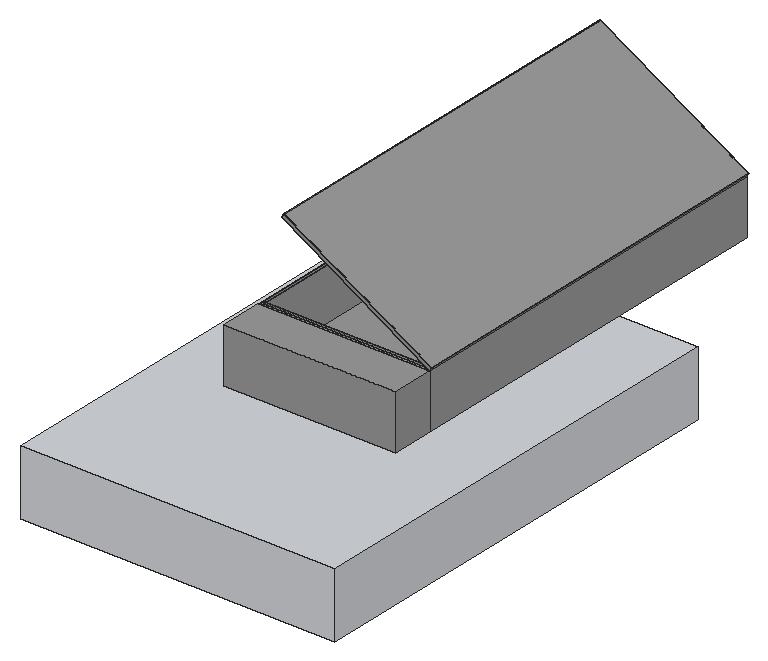
Revit family "Hager-Univers-IP55-D275-H2050-Cl.II-Steel_encl-DE-de", category Equipement électrique, Revit 2020
Family settings
  Hôte = Face
  Configuration du panneau = Deux colonnes, circuits au sein
  Cote de connecteur circulaire = Utiliser le diamètre
  Type d'élément = Tableau de raccordement
  Couper avec des vides une fois chargée = Non
  Partagée = Non
  Point de calcul de pièce = Non
Parameters (values of type "Bodenaufstellung IP55 B800 H2050 T275  - FR23S2")
  Width Control [instance] = if([EF000008 - Breite] > Min Width, [EF000008 - Breite], Min Width)  # 800 mm
  Commentaires du type = [HG000003 - Bereich]  # "Univers"
  Thickness Door [instance] = if([EF009171 - Materialstärke Tür/Deckel] > 3 mm, 3 mm, [EF009171 - Materialstärke Tür/Deckel])  # 1.5 mm
  Seal Frame Offset [instance] = 17 mm  # constant formula
  Plinth Visibility [instance] = [HG000027 - Sockelhöhe] > 0 mm  # yes
  Model = ""
  Min Width [instance] = 100 mm  # constant formula
  Min Height [instance] = 100 mm  # constant formula
  Min Depth [instance] = (2 * [EF009170 - Materialstärke Gehäuse]) + 1 mm  # 4 mm
  Internal Frame Depth [instance] = (Door System Depth * 0.5)  # 9 mm
  Height Control [instance] = if([EF000040 - Höhe] > Min Height, [EF000040 - Höhe], Min Height)  # 2050 mm
  HG000027 - Sockelhöhe = 200 mm
  HG000026 - Stehend auf dem Boden = yes
  HG000024 - Höhe des unteren Teils = 800 mm
  HG000023 - Gehäuse mit doppeltem Querschnitt = no
  HG000016 - 3D-Türsichtbarkeit [instance] = yes
  HG000015 - Sichtbarkeit der Türöffnung [instance] = no
  HG000014 - Tür rechts [instance] = yes
  HG000013 - Tür links [instance] = not([HG000014 - Tür rechts])  # no
  HG000012 - Türschwenkwinkel [instance] = 30.00°
  HG000010 - Asymmetrische Türen = no
  HG000009 - Doppelflügeligen Tür = no
  HG000006 - Unterputz = no
  HG000004 - Herstellerreferenz = "FR23S2"
  HG000003 - Bereich = "Univers"
  HG000002 - Mit tür = yes
  Frame Offset Bottom [instance] = 10 mm  # constant formula
  Frame Offset [instance] = 15 mm  # constant formula
  EF015940 - Deckel mit Überdruckentlastung = no
  EF011959 - Schutzart (NEMA) = ""
  EF009554 - Anzahl der Öffnungen für Flanschplatten = 6
  Fabricant = "Hager"  # constant formula
  EF009212 - Ausführung Deckel = "EV000116 - geschlossen"
  EF009171 - Materialstärke Tür/Deckel = 1.5 mm
  EF009170 - Materialstärke Gehäuse = 1.5 mm
  EF008873 - Nennstrom (In) = 800 A
  EF007800 - Geeignet für Blitzschutz = no
  EF006306 - Mit Schloss = no
  EF006244 - Transparenter Deckel/Tür = no
  EF005474 - Schutzart (IP) = "EV006420 - IP55"
  EF004464 - Art der Tür = "EV002646 - Einzel"
  EF004427 - Anzahl der Module = 432
  EF004293 - Schlagfestigkeit = "EV008784 - IK10"
  EF003532 - Geeignet für Außengebrauch = no
  EF002950 - Breite in Teilungseinheiten = 24
  EF001613 - Funktionserhalt = "EV000494 - ohne"
  EF001596 - Werkstoff des Gehäuses = "EV000179 - Stahl"
  EF001131 - Innentiefe = 275 mm
  EF001088 - Anbaumöglichkeit = yes
  EF000437 - Anzahl der Leitungseinführungen = 6
  EF000339 - Art der Abdeckung = "EV004216 - Tür"
  EF000266 - Anzahl der Reihen = 12
  EF000218 - Einbautiefe = 0 mm
  EF000118 - Mit Montageplatte = no
  EF000116 - RAL-Nummer = "7035"
  EF000049 - Tiefe = 275 mm
  EF000040 - Höhe = 2050 mm
  EF000008 - Breite = 800 mm
  EF000007 - Farbe = "EV000270 - grau"
  EF000003 - Montageart = "EV012274 - Bodenaufstellung"
  Door System Leaf Tolerance [instance] = 1.5 mm  # constant formula
  Door System Depth [instance] = 18 mm  # constant formula
  Door Height [instance] = Height Control - [HG000027 - Sockelhöhe]  # 1850 mm
  Depth Control [instance] = if([EF000049 - Tiefe] > Min Depth, [EF000049 - Tiefe], Min Depth)  # 275 mm
  Default Elevation = 0 mm
  Connector Offset [instance] = Height Control / 2  # 1025 mm
  Bottom Top Plate Trim [instance] = 1.5 mm  # constant formula
  Plinth height Ctrl [instance] = if([HG000027 - Sockelhöhe] > 0 mm, [HG000027 - Sockelhöhe], 12 mm)  # 200 mm
Types (11, lengths in mm): name | Width Control | HG000010 - Asymmetrische Türen | HG000009 - Doppelflügeligen Tür | HG000004 - Herstellerreferenz | EF009554 - Anzahl der Öffnungen für Flanschplatten | EF006244 - Transparenter Deckel/Tür | EF004464 - Art der Tür | EF004427 - Anzahl der Module | EF000437 - Anzahl der Leitungseinführungen | EF000008 - Breite
  Bodenaufstellung IP55 B1050 H2050 T275  - FR24L2 | 1050 | yes | yes | "FR24L2" | 8 | yes | "EV003602 - Doppel" | 576 | 8 | 1050
  Bodenaufstellung IP55 B1050 H2050 T275  - FR24S2 | 1050 | yes | yes | "FR24S2" | 8 | no | "EV003602 - Doppel" | 576 | 8 | 1050
  Bodenaufstellung IP55 B1300 H2050 T275  - FR25L2 | 1300 | yes | yes | "FR25L2" | 10 | yes | "EV003602 - Doppel" | 720 | 10 | 1300
  Bodenaufstellung IP55 B1300 H2050 T275  - FR25S2 | 1300 | yes | yes | "FR25S2" | 10 | no | "EV003602 - Doppel" | 720 | 10 | 1300
  Bodenaufstellung IP55 B1550 H2050 T275  - FR26L2 | 1550 | yes | yes | "FR26L2" | 12 | yes | "EV003602 - Doppel" | 864 | 12 | 1550
  Bodenaufstellung IP55 B1550 H2050 T275  - FR26S2 | 1550 | yes | yes | "FR26S2" | 12 | no | "EV003602 - Doppel" | 864 | 12 | 1550
  Bodenaufstellung IP55 B300 H2050 T275  - FR21S2 | 300 | no | no | "FR21S2" | 2 | no | "EV002646 - Einzel" | 144 | 2 | 300
  Bodenaufstellung IP55 B550 H2050 T275  - FR22L2 | 550 | no | no | "FR22L2" | 4 | yes | "EV002646 - Einzel" | 288 | 4 | 550
  Bodenaufstellung IP55 B550 H2050 T275  - FR22S2 | 550 | no | no | "FR22S2" | 4 | no | "EV002646 - Einzel" | 288 | 4 | 550
  Bodenaufstellung IP55 B800 H2050 T275  - FR23L2 | 800 | no | no | "FR23L2" | 6 | yes | "EV002646 - Einzel" | 432 | 6 | 800
  Bodenaufstellung IP55 B800 H2050 T275  - FR23S2 | 800 | no | no | "FR23S2" | 6 | no | "EV002646 - Einzel" | 432 | 6 | 800
Reference planes
  plane 1 "Center (Front/Back)": y = 0
  plane 2: z = 0
  plane 3 "Center (Left/Right)": x = 0
  plane 4: z = 275
  plane 5: y = 201.5
  plane 6: y = 1125
  plane 7: y = 200
  plane 8: y = 2050
  plane 9: z = 0
  plane 10: x = -385
  plane 11: x = 385
  plane 12: x = 383.5
  plane 13: x = -383.5
  plane 14: y = 2048.5
  plane 15: x = -383
  plane 16: x = -400
  plane 17: x = 383
  plane 18: x = 400
  plane 19: x = 398.5
  plane 20: x = -398.5
  plane 21: y = 211.5
  plane 22: y = 2050
  plane 23: y = 2033.5
  plane 24: z = 257
  plane 25: z = 1.5
  plane 26: z = 255.5
  plane 27: z = 273.5
Forms (mm)
  Extrusion 1, solid
    sketch origin (0, 0, 0) x (1, 0, 0) y (0, 1, 0)
      loop
        line (-702.964, 1305) -> (-702.964, -811.445) -> (766.763, -811.445) -> (766.763, 1305) -> (-702.964, 1305)
    from 0 to -304.8
  Extrusion 2, solid, material "Hager_Steel_RAL7035_Light_Grey", visible <- "Plinth Visibility", detail levels medium+fine
    sketch origin (0, 0, 0) x (1, 0, 0) y (0, 1, 0)
      loop
        line (-400, 0) -> (400, 0) -> (400, 200) -> (-400, 200) -> (-400, 0)
    from 0 to 257
  Extrusion 3, solid, material "Hager_Steel_RAL7035_Light_Grey", detail levels medium+fine
    sketch origin (0, 0, 0) x (1, 0, 0) y (0, 1, 0)
      loop
        line (-400, 200) -> (400, 200) -> (400, 2050) -> (-400, 2050) -> (-400, 200)
    from 0 to 257
  Extrusion 4, void
    sketch origin (0, 0, 0) x (1, 0, 0) y (0, 1, 0)
      loop
        line (-398.5, 201.5) -> (398.5, 201.5) -> (398.5, 2048.5) -> (-398.5, 2048.5) -> (-398.5, 201.5)
    from 1.5 to 255.5
  Extrusion 5, void
    sketch origin (-381.607, -4572, 257) x (0, -1, 0) y (-1, 0, 0)
      loop
        line (-4783.5, 1.893) -> (-6605.5, 1.893) -> (-6605.5, -765.107) -> (-4783.5, -765.107) -> (-4783.5, 1.893)
    from 0 to 1.5 <- "EF009170 - Materialstärke Gehäuse"
  Extrusion 6, solid, material "Hager_Steel_RAL7035_Light_Grey", detail levels fine
    sketch origin (0, 0, 257) x (1, 0, 0) y (0, 1, 0)
      loop
        line (-383.5, 2033.5) -> (-383.5, 211.5) -> (383.5, 211.5) -> (383.5, 2033.5) -> (-383.5, 2033.5)
      loop
        line (-385, 210) -> (385, 210) -> (385, 2035) -> (-385, 2035) -> (-385, 210)
    from 0 to 9 <- "Internal Frame Depth"
  Extrusion 7, solid, material "Hager_Steel_RAL7035_Light_Grey", detail levels coarse
    sketch origin (0, 0, 0) x (1, 0, 0) y (0, 1, 0)
      loop
        line (-400, 0) -> (400, 0) -> (400, 2050) -> (-400, 2050) -> (-400, 0)
    from 0 to 275
  Sweep 8, void
    path in 3D
      loop
        line (-400, 200, 0) -> (400, 200, 0) -> (400, 200, 257) -> (-400, 200, 257) -> (-400, 200, 0)
    profile origin (-400, 200, 128.5) x (-1, 0, 0) y (0, -1, 0)
      loop
        line (0, 0) -> (0, 1.5) -> (-1.5, 1.5)
        arc (-1.5, 1.5) -> (-1.061, 0.439) -> (0, 0) r 1.5
Cuts and joins
  Extrusion 4, Extrusion 5 cuts Extrusion 3
  Sweep 8 cuts Extrusion 2
Lines and regions (mm)
  Masking region 1
    outline origin (0, 0, 0) x (1, 0, 0) y (0, 0, 1)
      loop
        line (-400, 275) -> (-400, 0) -> (400, 0) -> (400, 275) -> (-400, 275)
  Masking region 2, detail levels medium+fine
    outline origin (0, 140, 0) x (0, 1, 0) y (0, 0, 1)
      loop
        line (60, 0) -> (1910, 0) -> (1910, 257) -> (60, 257) -> (60, 0)
  Masking region 3, not visible, detail levels medium+fine
    outline origin (0, 297.922, 0) x (0, 1, 0) y (0, 0, 1)
      loop
        line (838.578, 0) -> (878.578, 0) -> (878.578, 263.5)
        arc (878.578, 263.5) -> (875.649, 270.571) -> (868.578, 273.5) r 10
        line (868.578, 273.5) -> (838.578, 273.5) -> (838.578, 0)
  Masking region 4, detail levels coarse
    outline origin (0, 0, 180) x (0, 1, 0) y (0, 0, 1)
      loop
        line (0, -180) -> (2050, -180) -> (2050, 95) -> (0, 95) -> (0, -180)
  Masking region 5, visible <- "Plinth Visibility", detail levels medium+fine
    outline origin (0, 52.24, 12.345) x (0, 0, -1) y (0, 1, 0)
      loop
        line (10.845, 147.76) -> (-243.155, 147.76)
        arc (-243.155, 147.76) -> (-243.594, 146.699) -> (-244.655, 146.26) r 1.5
        line (-244.655, 146.26) -> (-244.655, -52.24) -> (12.345, -52.24) -> (12.345, 146.26)
        arc (12.345, 146.26) -> (11.285, 146.699) -> (10.845, 147.76) r 1.5
  Masking region 6, detail levels medium+fine
    outline origin (-381.607, -4572, 257) x (-1, 0, 0) y (0, -1, 0)
      loop
        line (18.393, -6622) -> (18.393, -4772) -> (-781.607, -4772) -> (-781.607, -6622) -> (18.393, -6622)
  Masking region 7, visible <- "Plinth Visibility", detail levels medium+fine
    outline origin (-381.607, -4727, 257) x (-1, 0, 0) y (0, -1, 0)
      loop
        arc (16.893, -4927) -> (17.332, -4925.939) -> (18.393, -4925.5) r 1.5
        line (18.393, -4925.5) -> (18.393, -4727) -> (-781.607, -4727) -> (-781.607, -4925.5)
        arc (-781.607, -4925.5) -> (-780.546, -4925.939) -> (-780.107, -4927) r 1.5
        line (-780.107, -4927) -> (16.893, -4927)
  Masking region 8, detail levels coarse
    outline origin (-442.548, -4669.526, 257) x (-1, 0, 0) y (0, -1, 0)
      loop
        line (-42.548, -6719.526) -> (-42.548, -4669.526) -> (-842.548, -4669.526) -> (-842.548, -6719.526) -> (-42.548, -6719.526)
  sketch lines
    curve 1: line (-400, 200, 257) -> (-400, 200, 0)
    curve 2: line (400, 200, 257) -> (-400, 200, 257)
    curve 3: line (400, 200, 257) -> (400, 200, 0)
    curve 4: line (-400, 200, 0) -> (400, 200, 0)
Dimensions and locks
  "Depth Control": plane 4 to Extrusion 1
  "HG000027 - Sockelhöhe": plane 1 "Center (Front/Back)" to plane 7
  "EF009170 - Materialstärke Gehäuse": plane 5 to plane 7
  locked: connector elem to plane 3 "Center (Left/Right)"
  equal spacing: plane 8, plane 6, plane 7
  locked: connector elem to plane 6
  "EF009170 - Materialstärke Gehäuse": plane 8 to plane 14
  "EF009170 - Materialstärke Gehäuse": plane 10 to plane 13
  "EF009170 - Materialstärke Gehäuse": plane 12 to plane 11
  "Frame Offset": plane 20 to plane 13
  "Frame Offset": plane 12 to plane 19
  "EF009170 - Materialstärke Gehäuse": plane 16 to plane 20
  "EF009170 - Materialstärke Gehäuse": plane 19 to plane 18
  "Seal Frame Offset": plane 16 to plane 15
  "Seal Frame Offset": plane 17 to plane 18
  "Frame Offset Bottom": plane 21 to plane 5
  "Frame Offset": plane 14 to plane 23
  equal spacing: plane 16, plane 3 "Center (Left/Right)", plane 18
  "Width Control": plane 16 to plane 18
  "EF009170 - Materialstärke Gehäuse": plane 4 to plane 27
  "EF009170 - Materialstärke Gehäuse": plane 24 to plane 26
  "EF009170 - Materialstärke Gehäuse": plane 25 to level
  "Door System Depth": plane 4 to plane 24
  "Height Control": plane 1 "Center (Front/Back)" to Extrusion 7 sketch curve
  "Height Control": Masking region 4 sketch curve to plane 1 "Center (Front/Back)"
  "Height Control": plane 1 "Center (Front/Back)" to plane 22
  "Bottom Top Plate Trim": profile plane to Sweep 8 sketch curve
  "Bottom Top Plate Trim": Sweep 8 sketch curve to profile plane
  "Plinth height Ctrl": plane 1 "Center (Front/Back)" to Extrusion 2 sketch curve
  "Plinth height Ctrl": Masking region 5 sketch curve to plane 1 "Center (Front/Back)"
  "Plinth height Ctrl": plane 1 "Center (Front/Back)" to Masking region 7 sketch curve
  "Thickness Door": Extrusion 6 sketch curve to Extrusion 6 sketch curve  (x3)
  "Thickness Door": cut or joined group of Extrusion 3, Extrusion 4, Extrusion 5 to Extrusion 6 sketch curve
  radius of Masking region 3 sketch curve = 10 mm
  "Bottom Top Plate Trim": radius of Masking region 5 sketch curve  (x2)
  "Bottom Top Plate Trim": radius of Sweep 8 sketch curve
  "Bottom Top Plate Trim": radius of Masking region 7 sketch curve  (x2)
  aligned and locked: plane 2 to Extrusion 1
  aligned and locked: level to Extrusion 1
  aligned and locked: level to Masking region 1 sketch curve
  aligned and locked: Masking region 1 sketch curve to plane 18
  aligned and locked: Masking region 1 sketch curve to plane 16
  aligned and locked: plane 7 to Masking region 2 sketch curve
  aligned and locked: level to Masking region 3 sketch curve
  aligned and locked: Masking region 3 sketch curve to plane 27
  aligned and locked: level to Masking region 2 sketch curve
  aligned and locked: plane 1 "Center (Front/Back)" to Extrusion 2 sketch curve
  aligned and locked: Extrusion 3 sketch curve to plane 7
  aligned and locked: plane 16 to Extrusion 3 sketch curve
  aligned and locked: plane 18 to Extrusion 3 sketch curve
  aligned and locked: plane 20 to Extrusion 4 sketch curve
  aligned and locked: plane 19 to Extrusion 4 sketch curve
  aligned and locked: Extrusion 4 sketch curve to plane 5
  aligned and locked: Extrusion 4 to plane 25
  aligned and locked: plane 26 to Extrusion 4
  aligned and locked: plane 24 to Extrusion 3
  aligned and locked: Extrusion 5 sketch curve to plane 21
  aligned and locked: Extrusion 5 sketch curve to plane 13
  aligned and locked: Extrusion 5 sketch curve to plane 12
  aligned and locked: plane 18 to Extrusion 7 sketch curve
  aligned and locked: plane 1 "Center (Front/Back)" to Extrusion 7 sketch curve
  aligned and locked: plane 16 to Extrusion 7 sketch curve
  aligned and locked: plane 4 to Extrusion 7
  aligned and locked: Extrusion 7 to level
  aligned and locked: level to Masking region 4 sketch curve
  aligned and locked: Masking region 4 sketch curve to plane 1 "Center (Front/Back)"
  aligned and locked: Masking region 4 sketch curve to plane 4
  aligned and locked: nested 1 to level
  aligned and locked: nested 1 to plane 16
  aligned and locked: plane 8 to Extrusion 3 sketch curve
  aligned and locked: plane 23 to Extrusion 5 sketch curve
  aligned and locked: plane 14 to Extrusion 4 sketch curve
  aligned and locked: Masking region 2 sketch curve to plane 8
  aligned and locked: level to Masking region 5 sketch curve
  aligned and locked: plane 16 to Extrusion 2 sketch curve
  aligned and locked: plane 18 to Extrusion 2 sketch curve
  aligned and locked: Masking region 5 sketch curve to plane 24
  aligned and locked: Masking region 2 sketch curve to plane 24
  aligned and locked: plane 24 to Extrusion 2
  aligned and locked: profile plane to Sweep 8 sketch curve  (x2)
  aligned and locked: Masking region 6 sketch curve to plane 18
  aligned and locked: Masking region 6 sketch curve to plane 22
  aligned and locked: Masking region 6 sketch curve to plane 16
  aligned and locked: plane 8 to plane 22
  aligned and locked: Masking region 6 sketch curve to plane 7
  aligned and locked: Masking region 7 sketch curve to plane 16
  aligned and locked: Masking region 7 sketch curve to plane 1 "Center (Front/Back)"
  aligned and locked: Masking region 7 sketch curve to plane 18
  aligned and locked: Masking region 8 sketch curve to plane 1 "Center (Front/Back)"
  aligned and locked: Masking region 8 sketch curve to plane 18
  aligned and locked: Masking region 8 sketch curve to plane 22
  aligned and locked: Masking region 8 sketch curve to plane 16
  aligned and locked: nested 2 to plane 7
  aligned and locked: plane 3 "Center (Left/Right)" to nested 2
  aligned and locked: nested 2 to plane 24
  aligned and locked: Extrusion 6 sketch curve to cut or joined group of Extrusion 3, Extrusion 4, Extrusion 5  (x4)
Automatic sketch dimensions
  Extrusion 1 sketch curve to Extrusion 1 sketch curve = 1469.727 mm
  Extrusion 1 sketch curve to Extrusion 1 sketch curve = 2116.445 mm
  Masking region 1 sketch curve to plane 4 = 0 mm
  plane 6 to Masking region 3 sketch curve = 11.5 mm
  Masking region 3 sketch curve to Masking region 3 sketch curve = 30 mm
  Masking region 5 sketch curve to plane 1 "Center (Front/Back)" = 0 mm
Nested families
  nested 1: "Hager_Enclosure_Symbol" at (-400, 0, 0) x (1, 0, 0) z (0, -1, 0), Height <- "Depth Control", Width <- "Width Control", type "Hager_Enclosure_Symbol"
    with Width_Ctrl 800 mm, Width 800 mm, Height_Ctrl 275 mm, Height 275 mm, A_Width_Int 18.047 mm, A_Width 216.562 mm, A_Height_Ctrl 240.625 mm, A_Height 240.625 mm
  nested 2: "EC000058_Univers_Door" at (0, 200, 257) x (1, 0, 0) z (0, 1, 0), Leaf_Tolerance <- "Door System Leaf Tolerance", Angle <- "HG000012 - Türschwenkwinkel", Door_Depth <- "Door System Depth", Door_Left <- "HG000013 - Tür links", Transparent <- "EF006244 - Transparenter Deckel/Tür", Assymetrical <- "HG000010 - Asymmetrische Türen", Width <- "Width Control", Clearance <- "HG000015 - Sichtbarkeit der Türöffnung", Double <- "HG000009 - Doppelflügeligen Tür", 3d_Door <- "HG000016 - 3D-Türsichtbarkeit", Lock_Visibility <- "EF006306 - Mit Schloss", Width_Ctrl <- "Width Control", Door_Right <- "HG000014 - Tür rechts", Door <- "HG000002 - Mit tür", Height <- "Door Height", Thickness <- "Thickness Door", type "EC000058_Univers_Door", detail levels medium+fine
    with min_wh 4 mm, Width_Ctrl 800 mm, Width 800 mm, Transparent no, Thickness 1.5 mm, Seal_Material Hager_Rubber, Lock_Visibility no, Lock_Material Hager_Plastic_RAL9005_Jet_Black, Leaf_Width 800 mm, Leaf_Tolerance_External_Sides 0 mm, Leaf_Tolerance 1.5 mm, Leaf_Offset 0 mm, Leaf_Height 1847 mm, Leaf_2_Width 800 mm, Leaf_2_Offset 400 mm, Leaf_1_Width 800 mm, Leaf_1_Offset 400 mm, Height_Ctrl 1850 mm, Height 1850 mm, Glass_Material Hager_Glass, Double_Clearance_Ctrl no, Double no, Door_Right_Ctrl yes, Door_Right yes, Door_Material Hager_Steel_RAL7035_Light_Grey, Door_Left_Ctrl no, Door_Left no, Door_Depth 18 mm, Door yes, Clearance_Material Hager_Clearance, Clearance_Depth 800 mm, Clearance_Ctrl no, Clearance no, Assymetrical no, Angle 30.00°, 3d_Door yes
Connectors
  electrical at (0, 1125, 0)
    settings: on plane 9, index 1, voltage 0 V, apparent load 0 VA, apparent load phase1 0 VA, apparent load phase2 0 VA, apparent load phase3 0 VA, power factor 1, load classification "Other", number of poles 1, system type 30, power factor state 1, is connector primary yes, connector utility no, sub classification motor no, connector description ""
Definition of nested family "EC000058_Univers_Door"
  Parameters (values of type "EC000058_Univers_Door")
    min_wh [instance] = (2 * Thickness) + 1 mm  # 11 mm
    Width_Ctrl [instance] = 400 mm
    Width [instance] = 500 mm
    Transparent [instance] = yes
    Thickness [instance] = 5 mm
    Seal_Material [instance] = none
    Lock_Visibility [instance] = yes
    Lock_Material [instance] = none
    Leaf_Width [instance] = if((Width_Ctrl - 2 * Leaf_Tolerance_External_Sides) > 0 mm, (Width_Ctrl - 2 * Leaf_Tolerance_External_Sides), min_wh)  # 400 mm
    Leaf_Tolerance_External_Sides [instance] = 0 mm  # constant formula
    Leaf_Tolerance [instance] = 1.5 mm
    Leaf_Offset [instance] = 0 mm  # constant formula
    Leaf_Height [instance] = if((Height_Ctrl - 2 * Leaf_Tolerance) > 0 mm, (Height_Ctrl - 2 * Leaf_Tolerance), min_wh)  # 497 mm
    Leaf_2_Width [instance] = if(and(and(Double, Assymetrical), Door_Left), (Leaf_Width / 3) - (Leaf_Tolerance / 2), if(and(and(Double, Assymetrical), Door_Right), (Leaf_Width / 3) * 2 - (Leaf_Tolerance / 2), if(and(Double, not(Assymetrical)), (Leaf_Width / 2) - Leaf_Tolerance, Leaf_Width)))  # 400 mm
    Leaf_2_Offset [instance] = if(and(Double, Assymetrical), Leaf_2_Width / 2, if(and(Double, not(Assymetrical)), Leaf_Width / 4, Leaf_Width / 2))  # 200 mm
    Leaf_1_Width [instance] = if(and(and(Double, Assymetrical), Door_Right), (Leaf_Width / 3) - (Leaf_Tolerance / 2), if(and(and(Double, Assymetrical), Door_Left), (Width / 3) * 2 - (Leaf_Tolerance / 2), if(and(Double, not(Assymetrical)), (Leaf_Width / 2) - Leaf_Tolerance, Leaf_Width)))  # 400 mm
    Leaf_1_Offset [instance] = if(and(Double, Assymetrical), Leaf_1_Width / 2, if(and(Double, not(Assymetrical)), Leaf_Width / 4, Leaf_Width / 2))  # 200 mm
    Height_Ctrl [instance] = if(Height > min_wh, Height, min_wh)  # 500 mm
    Height [instance] = 500 mm
    Glass_Material [instance] = none
    Double_Clearance_Ctrl [instance] = and(Double, Clearance)  # no
    Double [instance] = no
    Door_Right_Ctrl [instance] = and(or(Door_Right, Double), Door)  # yes
    Door_Right [instance] = yes
    Door_Material [instance] = none
    Door_Left_Ctrl [instance] = and(or(Door_Left, Double), Door)  # no
    Door_Left [instance] = no
    Door_Depth [instance] = 30 mm
    Door [instance] = yes
    Default Elevation = 1219.2 mm
    Clearance_Material [instance] = none
    Clearance_Depth [instance] = if(Leaf_1_Width > Leaf_2_Width, Leaf_1_Width, Leaf_2_Width)  # 400 mm
    Clearance_Ctrl [instance] = and(not(Double), Clearance)  # yes
    Clearance [instance] = yes
    Assymetrical [instance] = yes
    Angle [instance] = 30.00°
    3d_Door [instance] = yes
  Reference planes
    plane 1 "Center (Front/Back)": y = 0
    plane 2 "Bottom": z = 0
    plane 3 "Center (Left/Right)": x = 0
    plane 4: z = 500
    plane 5: x = -200
    plane 6: x = 200
    plane 7: z = 500
    plane 8: x = -200
    plane 9: z = 0
    plane 10: x = 200
    plane 11: y = 0
    plane 12: z = 1.5
    plane 13: x = -600
    plane 14: y = -400
    plane 15: x = 600
    plane 16: x = 0
    plane 17: x = 0
    plane 18: x = -200
    plane 19: x = 200
    plane 20: z = 498.5
  Forms (mm)
    Extrusion 1, solid, material <- "Clearance_Material", visible <- "Double_Clearance_Ctrl"
      sketch origin (1200, 0, 0) x (1, 0, 0) y (0, 0, -1)
        loop
          line (-1800, -498.5) -> (-600, -498.5) -> (-600, 0) -> (-1800, 0) -> (-1800, -498.5)
      from 0 to -400
  Dimensions and locks
    equal spacing: plane 5, plane 3 "Center (Left/Right)", plane 6
    "Width_Ctrl": plane 5 to plane 6
    "Leaf_Offset": plane 5 to plane 8
    "Leaf_Offset": plane 6 to plane 10
    "Leaf_Offset": plane 9 to level
    "Leaf_Offset": plane 4 to plane 7
    "Height_Ctrl": plane 4 to level
    "Leaf_Tolerance": plane 12 to plane 9
    locked: plane 11 to plane 1 "Center (Front/Back)"
    "Leaf_1_Offset": plane 18 to plane 16
    "Leaf_2_Offset": plane 17 to plane 19
    "Leaf_1_Width": plane 13 to plane 8
    "Leaf_2_Width": plane 10 to plane 15
    "Clearance_Depth": plane 14 to plane 1 "Center (Front/Back)"
    "Leaf_Tolerance_External_Sides": plane 8 to plane 18
    "Leaf_Tolerance_External_Sides": plane 19 to plane 10
    "Leaf_Tolerance": plane 7 to plane 20
    aligned and locked: level to plane 2 "Bottom"
    aligned and locked: nested 1 to plane 16
    aligned and locked: nested 2 to plane 17
    aligned and locked: Extrusion 1 to plane 13
    aligned and locked: plane 15 to Extrusion 1
    aligned and locked: Extrusion 1 to plane 14
    aligned and locked: plane 12 to nested 1
    aligned and locked: nested 2 to plane 12
    aligned and locked: Extrusion 1 to plane 11
    aligned and locked: plane 20 to Extrusion 1
    aligned and locked: nested 2 to plane 11
    aligned and locked: nested 1 to plane 11
  Automatic sketch dimensions
    Extrusion 1 sketch curve to level = 0 mm
    plane 5 to Extrusion 1 sketch curve = 400 mm
    plane 6 to Extrusion 1 sketch curve = 400 mm
    Extrusion 1 sketch curve to plane 4 = 1.5 mm
  Nested families
    nested 1: "EC000058_Univers_Door_Leaf" at (0, 0, 1.5), Width <- "Leaf_1_Width", visible <- "Door_Left_Ctrl", Leaf_Height <- "Leaf_Height", Angle <- "Angle", 3d_Door <- "3d_Door", Transparent <- "Transparent", Clearance Material <- "Clearance_Material", Clearance <- "Clearance_Ctrl", Door_Material <- "Door_Material", Glass_Material <- "Glass_Material", Door_Depth <- "Door_Depth", Lock_Material <- "Lock_Material", Seal_Material <- "Seal_Material", Lock_Visibility <- "Lock_Visibility", Thickness <- "Thickness", type "EC000058_Univers_Door_Leaf"
      with Width 400 mm, Transparent_Glass_Offset 30 mm, Transparent_Ctrl yes, Transparent yes, Thickness 5 mm, Standard no, Seal_Material none, Seal_D2 8 mm, Seal_D1 1 mm, Offset_Internal_Frame 10 mm, Lock_Width 20 mm, Lock_Visibility_3d yes, Lock_Visibility yes, Lock_Thickness_3 3 mm, Lock_Thickness_2 1 mm, Lock_Thickness_1 3 mm, Lock_Radius_Offset_2 16 mm, Lock_Radius_Offset_1 15 mm, Lock_Radius_2 5 mm, Lock_Radius 6 mm, Lock_Offset 5 mm, Lock_Material none, Lock_Height 80 mm, Lock_Cover_Top_Offset_2d 17 mm, Lock_Cover_Height -65 mm, Leaf_Height 497 mm, Internal_Seal_Thickness 8 mm, Internal_Seal_Depth_2 4.5 mm, Internal_Frame_Depth 25 mm, Glass_Thickness -1 mm, Glass_Offset -2 mm, Glass_Material none, Door_Material none, Door_Depth 30 mm, Clearance Material none, Clearance yes, Angle_Ctrl 30.00°, Angle 30.00°, 3d_Door yes
    nested 2: "EC000058_Univers_Door_Leaf" at (0, 0, 1.5) x (-1, 0, 0) z (0, 0, 1), Width <- "Leaf_2_Width", visible <- "Door_Right_Ctrl", Leaf_Height <- "Leaf_Height", Angle <- "Angle", 3d_Door <- "3d_Door", Transparent <- "Transparent", Clearance Material <- "Clearance_Material", Clearance <- "Clearance_Ctrl", Door_Material <- "Door_Material", Glass_Material <- "Glass_Material", Door_Depth <- "Door_Depth", Lock_Material <- "Lock_Material", Seal_Material <- "Seal_Material", Lock_Visibility <- "Lock_Visibility", Thickness <- "Thickness", type "EC000058_Univers_Door_Leaf"
      with Width 400 mm, Transparent_Glass_Offset 30 mm, Transparent_Ctrl yes, Transparent yes, Thickness 5 mm, Standard no, Seal_Material none, Seal_D2 8 mm, Seal_D1 1 mm, Offset_Internal_Frame 10 mm, Lock_Width 20 mm, Lock_Visibility_3d yes, Lock_Visibility yes, Lock_Thickness_3 3 mm, Lock_Thickness_2 1 mm, Lock_Thickness_1 3 mm, Lock_Radius_Offset_2 16 mm, Lock_Radius_Offset_1 15 mm, Lock_Radius_2 5 mm, Lock_Radius 6 mm, Lock_Offset 5 mm, Lock_Material none, Lock_Height 80 mm, Lock_Cover_Top_Offset_2d 17 mm, Lock_Cover_Height -65 mm, Leaf_Height 497 mm, Internal_Seal_Thickness 8 mm, Internal_Seal_Depth_2 4.5 mm, Internal_Frame_Depth 25 mm, Glass_Thickness -1 mm, Glass_Offset -2 mm, Glass_Material none, Door_Material none, Door_Depth 30 mm, Clearance Material none, Clearance yes, Angle_Ctrl 30.00°, Angle 30.00°, 3d_Door yes
  Definition of nested family "EC000058_Univers_Door_Leaf"
    Parameters (values of type "EC000058_Univers_Door_Leaf")
      Width [instance] = 2000 mm
      Transparent_Glass_Offset [instance] = 30 mm
      Transparent_Ctrl [instance] = and(Transparent, [3d_Door])  # yes
      Transparent [instance] = yes
      Thickness [instance] = 5 mm
      Standard [instance] = and(not(Transparent), [3d_Door])  # no
      Seal_Material [instance] = none
      Seal_D2 [instance] = 8 mm  # constant formula
      Seal_D1 [instance] = 1 mm  # constant formula
      Offset_Internal_Frame [instance] = 10 mm  # constant formula
      Lock_Width [instance] = 20 mm  # constant formula
      Lock_Visibility_3d [instance] = and(Lock_Visibility, [3d_Door])  # yes
      Lock_Visibility [instance] = yes
      Lock_Thickness_3 [instance] = 3 mm  # constant formula
      Lock_Thickness_2 [instance] = 1 mm  # constant formula
      Lock_Thickness_1 [instance] = 3 mm  # constant formula
      Lock_Radius_Offset_2 [instance] = Lock_Radius_Offset_1 + 1 mm  # 16 mm
      Lock_Radius_Offset_1 [instance] = 15 mm  # constant formula
      Lock_Radius_2 [instance] = Lock_Radius - 1 mm  # 5 mm
      Lock_Radius [instance] = 6 mm  # constant formula
      Lock_Offset [instance] = 5 mm  # constant formula
      Lock_Material [instance] = none
      Lock_Height [instance] = 80 mm  # constant formula
      Lock_Cover_Top_Offset_2d [instance] = Lock_Radius_Offset_2 + 1 mm  # 17 mm
      Lock_Cover_Height [instance] = -(Lock_Height - Lock_Radius_Offset_1)  # -65 mm
      Leaf_Height [instance] = 2720.336 mm
      Internal_Seal_Thickness [instance] = 8 mm  # constant formula
      Internal_Seal_Depth_2 [instance] = 4.5 mm  # constant formula
      Internal_Frame_Depth [instance] = if(Door_Depth - Thickness > 5 mm, Door_Depth - Thickness, 5 mm)  # 25 mm
      Glass_Thickness [instance] = if(Thickness > 15 mm, Glass_Offset + 10 mm, -1 mm)  # -1 mm
      Glass_Offset [instance] = if(Thickness > 15 mm, -(Thickness + 10 mm) / 2, -2 mm)  # -2 mm
      Glass_Material [instance] = none
      Door_Material [instance] = none
      Door_Depth [instance] = 30 mm
      Default Elevation = 0 mm
      Clearance Material [instance] = none
      Clearance [instance] = yes
      Angle_Ctrl [instance] = if(Angle > 180.00°, 180.00°, Angle)  # 90.00°
      Angle [instance] = 90.00°
      3d_Door [instance] = yes
    Reference planes
      plane 1 "Center (Front/Back)": y = 0
      plane 2: z = 0
      plane 3 "Center (Left/Right)": x = 0
      plane 4: y = 2000
      plane 5: x = -1000
      plane 6: x = 1000
      plane 7: x = -3000
      plane 8: z = 2720.336
      plane 9: z = 30
      plane 10: z = 2690.336
      plane 11: x = 970
      plane 12: x = -970
      plane 13: y = -3
      plane 14: z = 107.833
      plane 15: y = -5
      plane 16: y = -223.314
      plane 17: x = -1000
      plane 18: z = 1360.168
      plane 19: y = 30
    Forms (mm)
      Extrusion 1, solid, material <- "Clearance Material", visible <- "Clearance"
        sketch origin (0, 0, 0) x (1, 0, 0) y (0, 0, 1)
          loop
            line (-3000, 2720.336) -> (-3000, 0) -> (1000, 0) -> (1000, 2720.336) -> (-3000, 2720.336)
        from 0 to -2000
      Extrusion 2, solid, material <- "Door_Material", visible <- "Standard", detail levels medium+fine
        sketch origin (-1000, 0, 0) x (0, 1, 0) y (-1, 0, 0)
          loop
            line (0, 30) -> (0, 25) -> (2000, 25) -> (2000, 30) -> (0, 30)
        from 0 to 2720.336 <- "Leaf_Height"
      Extrusion 3, solid, material <- "Door_Material", visible <- "Transparent_Ctrl", detail levels medium+fine
        sketch origin (-1000, 0, 0) x (0, 1, 0) y (-1, 0, 0)
          loop
            line (0, 25) -> (2000, 25) -> (2000, 30) -> (0, 30) -> (0, 25)
        from 0 to 2720.336 <- "Leaf_Height"
      Extrusion 4, void
        sketch origin (-1025, 2000, 0) x (0, 1, 0) y (0, 0, -1)
          loop
            line (-30, -2690.336) -> (-30, -30) -> (-1970, -30) -> (-1970, -2690.336) -> (-30, -2690.336)
        from 0 to 5 <- "Thickness"
      Sweep 5, solid, material <- "Seal_Material", visible <- "Transparent_Ctrl", detail levels fine
        path in 3D
          loop
            line (-1025, 30, 30) -> (-1025, 30, 2690.336) -> (-1025, 1970, 2690.336) -> (-1025, 1970, 30) -> (-1025, 30, 30)
        profile origin (-1025, 1000, 30) x (1, 0, 0) y (0, 0, 1)
          loop
            line (0, 0) -> (0, -8) -> (1, -8) -> (1, 0) -> (0, 0)
      Extrusion 6, solid, material <- "Glass_Material", visible <- "Transparent_Ctrl", detail levels medium+fine
        sketch origin (-1030, 0, 0) x (0, 1, 0) y (0, 0, -1)
          loop
            line (1970, -2690.336) -> (1970, -30) -> (30, -30) -> (30, -2690.336) -> (1970, -2690.336)
        from -2 <- "Glass_Offset" to -1 <- "Glass_Thickness"
      Extrusion 7, solid, material <- "Door_Material", visible <- "3d_Door", detail levels medium+fine
        sketch origin (-1025, 2000, 0) x (0, -1, 0) y (0, 0, -1)
          loop
            line (0, -2720.336) -> (2000, -2720.336) -> (2000, 0) -> (0, 0) -> (0, -2720.336)
          loop
            line (1995, -5) -> (5, -5) -> (5, -2715.336) -> (1995, -2715.336) -> (1995, -5)
        from 0 to 25 <- "Internal_Frame_Depth"
      Sweep 8, solid, material <- "Seal_Material", visible <- "Transparent_Ctrl", detail levels fine
        path in 3D
          loop
            line (-1025, 0, 0) -> (-1025, 2000, 0) -> (-1025, 2000, 2720.336) -> (-1025, 0, 2720.336) -> (-1025, 0, 0)
        profile origin (-1025, 0, 1360.168) x (1, 0, 0) y (0, 1, 0)
          loop
            line (0, 10) -> (2.975, 10)
            arc (2.975, 10) -> (4.053, 10.447) -> (4.5, 11.525) r 1.525
            line (4.5, 11.525) -> (4.5, 16.527)
            arc (4.5, 16.527) -> (4.069, 17.569) -> (3.027, 18) r 1.473
            line (3.027, 18) -> (0, 18) -> (0, 10)
      Extrusion 9, solid, material <- "Lock_Material", visible <- "Lock_Visibility_3d", detail levels fine
        sketch origin (-1030, 0, 0) x (0, 1, 0) y (0, 0, -1)
          loop
            arc (1993.5, -1400.168) -> (1994.561, -1399.729) -> (1995, -1398.668) r 1.5
            line (1995, -1398.668) -> (1995, -1320.168) -> (1975, -1320.168) -> (1975, -1398.668)
            arc (1975, -1398.668) -> (1975.439, -1399.729) -> (1976.5, -1400.168) r 1.5
            line (1976.5, -1400.168) -> (1993.5, -1400.168)
        from 3 <- "Lock_Thickness_1" to 0
      Blend 10, solid, material <- "Lock_Material", visible <- "Lock_Visibility_3d", detail levels fine
        base sketch origin (-1033, 0, 0) x (0, 1, 0) y (0, 0, -1)
          loop
            line (1975, -1320.168) -> (1975, -1398.668)
            arc (1975, -1398.668) -> (1975.439, -1399.729) -> (1976.5, -1400.168) r 1.5
            line (1976.5, -1400.168) -> (1993.5, -1400.168)
            arc (1993.5, -1400.168) -> (1994.561, -1399.729) -> (1995, -1398.668) r 1.5
            line (1995, -1398.668) -> (1995, -1320.168) -> (1975, -1320.168)
        top sketch origin (-1033, 0, 0) x (0, 1, 0) y (0, 0, -1)
          loop
            line (1976, -1320.168) -> (1976, -1398.668)
            arc (1976, -1398.668) -> (1976.146, -1399.022) -> (1976.5, -1399.168) r 0.5
            line (1976.5, -1399.168) -> (1993.5, -1399.168)
            arc (1993.5, -1399.168) -> (1993.854, -1399.022) -> (1994, -1398.668) r 0.5
            line (1994, -1398.668) -> (1994, -1320.168) -> (1976, -1320.168)
        from 0 to 1 <- "Lock_Thickness_2"
      Blend 11, solid, material <- "Lock_Material", visible <- "Lock_Visibility_3d", detail levels fine
        base sketch origin (-1034, 0, 0) x (0, 1, 0) y (0, 0, -1)
          loop
            line (1978, -1320.168) -> (1978, -1384.168)
            arc (1978, -1384.168) -> (1985, -1391.168) -> (1992, -1384.168) r 7
            line (1992, -1384.168) -> (1992, -1320.168) -> (1978, -1320.168)
        top sketch origin (-1034, 0, 0) x (0, 1, 0) y (0, 0, -1)
          loop
            line (1991, -1320.168) -> (1979, -1320.168) -> (1979, -1383.168)
            arc (1979, -1383.168) -> (1985, -1389.168) -> (1991, -1383.168) r 6
            line (1991, -1383.168) -> (1991, -1320.168)
        from 0 to 3 <- "Lock_Thickness_3"
      Extrusion 12, solid, material <- "Lock_Material", visible <- "Lock_Visibility_3d", detail levels fine
        sketch origin (-1030, 1975, 1320.168) x (1, 0, 0) y (0, -1, 0)
          loop
            line (-7, -19) -> (-7, -1) -> (0, -1) -> (0, 0) -> (-8, 0) -> (-8, -20) -> (0, -20) -> (0, -19) -> (-7, -19)
        from 0 to -65 <- "Lock_Cover_Height"
      Extrusion 13, void
        sketch origin (-1038, 1995, 1320.168) x (-1, 0, 0) y (0, 0, -1)
          loop
            line (-5, -65) -> (0, -65) -> (-5, -60) -> (-5, -65)
        from 0 to 20 <- "Lock_Width"
      Extrusion 14, void
        sketch origin (-1038, 1975, 1320.168) x (0, -1, 0) y (0, 0, -1)
          loop
            circle (-10, -15.995) r 6
          loop
            circle (-10, -15.995) r 5
        from 0 to 2
      Extrusion 15, solid, material <- "Lock_Material", visible <- "Lock_Visibility_3d", detail levels medium
        sketch origin (-1030, 0, 0) x (0, 1, 0) y (0, 0, -1)
          loop
            arc (1993.5, -1400.168) -> (1994.561, -1399.729) -> (1995, -1398.668) r 1.5
            line (1995, -1398.668) -> (1995, -1320.168) -> (1975, -1320.168) -> (1975, -1398.668)
            arc (1975, -1398.668) -> (1975.439, -1399.729) -> (1976.5, -1400.168) r 1.5
            line (1976.5, -1400.168) -> (1993.5, -1400.168)
        from 8 to 0
    Cuts and joins
      Extrusion 4 cuts Extrusion 3
      Extrusion 13, Extrusion 14 cuts Extrusion 9
      Extrusion 14 cuts Blend 11
      Extrusion 13, Extrusion 14 cuts Extrusion 12
      joined: Extrusion 9, Blend 10, Blend 11, Extrusion 12
      Extrusion 14 cuts Extrusion 15
    Lines and regions (mm)
      Masking region 1, visible <- "Lock_Visibility", detail levels fine
        outline origin (0, 0, 0) x (0, 1, 0) y (0, 0, 1)
          loop
            line (30, 1320.168) -> (33, 1320.168) -> (33, 1400.168) -> (30, 1400.168) -> (30, 1320.168)
      Masking region 2, visible <- "Lock_Visibility", detail levels fine
        outline origin (0, 3.143, 0) x (0, 1, 0) y (0, 0, 1)
          loop
            line (29.857, 1354.168) -> (30.857, 1354.168) -> (30.857, 1366.168) -> (29.857, 1366.168) -> (29.857, 1354.168)
      Masking region 3, detail levels medium+fine
        outline origin (0, 0, 0) x (0, 1, 0) y (0, 0, 1)
          loop
            line (0, 0) -> (30, 0) -> (30, 2720.336) -> (0, 2720.336) -> (0, 0)
      Masking region 4, detail levels medium+fine
        outline origin (0, 0, 0) x (1, 0, 0) y (0, 0, 1)
          loop
            line (-1000, 2720.336) -> (-1000, 0) -> (1000, 0) -> (1000, 2720.336) -> (-1000, 2720.336)
      Masking region 5, visible <- "Lock_Visibility", detail levels fine
        outline origin (-47.116, 0, 0) x (1, 0, 0) y (0, 0, 1)
          loop
            arc (1024.616, 1399.168) -> (1023.556, 1398.729) -> (1023.116, 1397.668) r 1.5
            line (1023.116, 1397.668) -> (1023.116, 1320.168) -> (1041.116, 1320.168) -> (1041.116, 1397.668)
            arc (1041.116, 1397.668) -> (1040.677, 1398.729) -> (1039.616, 1399.168) r 1.5
            line (1039.616, 1399.168) -> (1024.616, 1399.168)
      Masking region 6, visible <- "Lock_Visibility", detail levels medium+fine
        outline origin (-25, 0, 0) x (1, 0, 0) y (0, 0, 1)
          loop
            arc (1001.5, 1400.168) -> (1000.439, 1399.729) -> (1000, 1398.668) r 1.5
            line (1000, 1398.668) -> (1000, 1320.168) -> (1020, 1320.168) -> (1020, 1398.668)
            arc (1020, 1398.668) -> (1019.561, 1399.729) -> (1018.5, 1400.168) r 1.5
            line (1018.5, 1400.168) -> (1001.5, 1400.168)
      Masking region 7, visible <- "Lock_Visibility", detail levels fine
        outline origin (-73.735, 0, 0) x (1, 0, 0) y (0, 0, 1)
          loop
            line (1051.735, 1382.168) -> (1065.735, 1382.168) -> (1065.735, 1384.168)
            arc (1065.735, 1384.168) -> (1058.735, 1391.168) -> (1051.735, 1384.168) r 7
            line (1051.735, 1384.168) -> (1051.735, 1382.168)
      Masking region 8, visible <- "Lock_Visibility", detail levels fine
        outline origin (-73.735, 0, 0) x (1, 0, 0) y (0, 0, 1)
          loop
            line (1052.735, 1382.168) -> (1064.735, 1382.168) -> (1064.735, 1383.168)
            arc (1064.735, 1383.168) -> (1058.735, 1389.168) -> (1052.735, 1383.168) r 6
            line (1052.735, 1383.168) -> (1052.735, 1382.168)
      Masking region 9, visible <- "Lock_Visibility", detail levels fine
        outline origin (-25, 0, 0) x (1, 0, 0) y (0, 0, 1)
          loop
            line (1020, 1320.168) -> (1020, 1382.168) -> (1000, 1382.168) -> (1000, 1320.168) -> (1020, 1320.168)
      Masking region 10, detail levels medium+fine
        outline origin (0, 0, 0) x (1, 0, 0) y (0, 0, 1)
          loop
            circle (985, 1335.144) r 6
      Masking region 11, detail levels fine
        outline origin (0, 0, 0) x (1, 0, 0) y (0, 0, 1)
          loop
            circle (985, 1335.144) r 5
      Masking region 12, visible <- "Lock_Visibility", detail levels fine
        outline origin (0, 12.767, 0) x (0, 1, 0) y (0, 0, 1)
          loop
            line (20.233, 1320.168) -> (21.233, 1320.168) -> (21.233, 1399.168) -> (20.233, 1400.168) -> (20.233, 1320.168)
      Masking region 13, visible <- "Lock_Visibility", detail levels fine
        outline origin (0, 13.767, -10) x (0, 1, 0) y (0, 0, 1)
          loop
            line (20.233, 1330.168) -> (23.233, 1330.168) -> (23.233, 1399.168) -> (20.233, 1402.168) -> (20.233, 1330.168)
      Masking region 14, visible <- "Lock_Visibility", detail levels fine
        outline origin (0, 12.767, -10) x (0, 1, 0) y (0, 0, 1)
          loop
            line (20.233, 1330.168) -> (25.233, 1330.168) -> (25.233, 1399.305) -> (20.233, 1394.305) -> (20.233, 1330.168)
      Masking region 15, visible <- "Lock_Visibility", detail levels medium
        outline origin (0, 0, 0) x (0, 1, 0) y (0, 0, 1)
          loop
            line (30, 1320.168) -> (38, 1320.168) -> (38, 1400.168) -> (30, 1400.168) -> (30, 1320.168)
      Masking region 16, visible <- "Lock_Visibility", detail levels fine
        outline origin (-1000, 0, 0) x (0, 1, 0) y (-1, 0, 0)
          loop
            line (1975, 30) -> (1995, 30) -> (1995, 38) -> (1975, 38) -> (1975, 30)
          loop
            line (1979, 37) -> (1976, 37) -> (1976, 34) -> (1978, 34) -> (1979, 37)
          loop
            line (1994, 37) -> (1991, 37) -> (1992, 34) -> (1994, 34) -> (1994, 37)
      Masking region 17, visible <- "Lock_Visibility", detail levels medium
        outline origin (-1000, 0, 0) x (0, 1, 0) y (-1, 0, 0)
          loop
            line (1975, 30) -> (1995, 30) -> (1995, 38) -> (1975, 38) -> (1975, 30)
      symbolic lines
        curve 1: line (1000, 0, 0) -> (-3000, 0, 0)
        curve 2: arc (1000, 0, 0) -> (-1000, 2000, 0) -> (-3000, 0, 0) r 2000
        curve 4: line (-1030, 0, 0) -> (-1030, 2000, 0)
      reference lines
        curve 3: line (-1000, 0, 0) -> (-1000, 2000, 0)
      symbolic lines, detail levels medium+fine
        curve 5: line (-1030, 2000, 0) -> (-1025, 2000, 0)
        curve 7: line (-1025, 0, 0) -> (-1030, 0, 0)
        curve 8: line (-1025, 0, 0) -> (-1000, 0, 0)
        curve 9: line (-1000, 0, 0) -> (-1000, 2000, 0)
        curve 10: line (-1000, 2000, 0) -> (-1025, 2000, 0)
      symbolic lines, detail levels fine
        curve 6: line (-1025, 2000, 0) -> (-1025, 0, 0)
      sketch lines
        curve 11: line (-1025, 0, 2720.336) -> (-1025, 0, 0)
        curve 12: line (-1025, 2000, 0) -> (-1025, 0, 0)
        curve 13: line (-1025, 2000, 2720.336) -> (-1025, 2000, 0)
        curve 14: line (-1025, 0, 2720.336) -> (-1025, 2000, 2720.336)
        curve 15: line (-1025, 1970, 30) -> (-1025, 30, 30)
        curve 16: line (-1025, 30, 30) -> (-1025, 30, 2690.336)
        curve 17: line (-1025, 1970, 2690.336) -> (-1025, 1970, 30)
        curve 18: line (-1025, 30, 2690.336) -> (-1025, 1970, 2690.336)
      symbolic lines, visible <- "Transparent", detail levels medium+fine
        curve 19: line (-970, 0, 2690.336) -> (970, 0, 2690.336)
        curve 20: line (-970, 0, 30) -> (-970, 0, 2690.336)
        curve 21: line (970, 0, 30) -> (-970, 0, 30)
        curve 22: line (970, 0, 2690.336) -> (970, 0, 30)
    Dimensions and locks
      "Width": plane 1 "Center (Front/Back)" to plane 4
      equal spacing: plane 5, plane 3 "Center (Left/Right)", plane 6
      "Width": plane 5 to plane 6
      "Width": plane 7 to plane 5
      "Leaf_Height": plane 8 to level
      "Width": curve 5 to curve 3
      "Width": curve 3 to curve 3
      plane 8 to plane 10 = 30 mm
      plane 9 to level = 30 mm
      plane 12 to plane 5 = 30 mm
      plane 6 to plane 11 = 30 mm
      Extrusion 1 to Extrusion 4 sketch curve = 30 mm
      "Transparent_Glass_Offset": curve 3 to Extrusion 4 sketch curve
      "Transparent_Glass_Offset": Extrusion 4 sketch curve to cut or joined group of Extrusion 3, Extrusion 4  (x2)
      cut or joined group of Extrusion 3, Extrusion 4 to Extrusion 6 sketch curve = 30 mm
      "Transparent_Glass_Offset": cut or joined group of Extrusion 3, Extrusion 4 to Extrusion 4 sketch curve
      "Thickness": curve 6 to curve 4
      "Thickness": Extrusion 7 sketch curve to Extrusion 7 sketch curve  (x4)
      "Door_Depth": curve 4 to curve 3
      "Offset_Internal_Frame": profile plane to Sweep 8 sketch curve
      "Internal_Seal_Thickness": Sweep 8 sketch curve to Sweep 8 sketch curve
      "Internal_Seal_Depth_2": profile plane to Sweep 8 sketch curve
      "Seal_D1": profile plane to Sweep 5 sketch curve
      "Seal_D2": profile plane to Sweep 5 sketch curve
      "Thickness": Extrusion 2 sketch curve to Extrusion 2 sketch curve
      equal spacing: Extrusion 9 sketch curve, plane 18, Extrusion 9 sketch curve  (x2)
      equal spacing: Masking region 1 sketch curve, plane 18, Masking region 1 sketch curve
      "Lock_Height": Masking region 1 sketch curve to Masking region 1 sketch curve
      "Lock_Radius": Masking region 2 sketch curve to plane 18 to Masking region 2 sketch curve
      Masking region 2 sketch curve to Masking region 1 = 1 mm
      "Door_Depth": plane 19 to plane 1 "Center (Front/Back)"
      "Lock_Thickness_1": Masking region 1 sketch curve to plane 19
      "Lock_Width": Extrusion 9 sketch curve to Extrusion 9 sketch curve
      "Lock_Height": Extrusion 9 sketch curve to Extrusion 9 sketch curve
      "Lock_Offset": cut or joined group of Extrusion 3, Extrusion 4 to Extrusion 9 sketch curve
      equal spacing: plane 8, plane 18, level
      "Lock_Radius_Offset_1": Blend 11 sketch curve to Blend 10
      locked: Blend 10 to Blend 11 sketch curve at 2  (x2)
      locked: var sketch to Blend 11 sketch curve at 1  (x2)
      "Lock_Radius_Offset_2": Blend 11 sketch curve to Blend 10
      locked: Extrusion 12 sketch curve to Extrusion 12 sketch curve at 1  (x3)
      Masking region 6 sketch curve to Masking region 6 sketch curve = 80 mm
      "Lock_Height": Masking region 6 sketch curve to Masking region 6 sketch curve
      "Lock_Width": Masking region 6 sketch curve to Masking region 6 sketch curve
      locked: Masking region 6 to Masking region 5 sketch curve at 1  (x3)
      locked: Masking region 5 to Masking region 7 sketch curve at 2  (x2)
      "Lock_Radius_Offset_1": Masking region 5 to Masking region 7 sketch curve
      "Lock_Radius_Offset_2": Masking region 5 to Masking region 8 sketch curve
      locked: Masking region 7 to Masking region 8 sketch curve at 1  (x2)
      "Lock_Cover_Top_Offset_2d": Masking region 5 to Masking region 9 sketch curve
      equal spacing: Masking region 9, Masking region 10 sketch curve, Masking region 9
      equal spacing: Masking region 9, Masking region 11 sketch curve, Masking region 9
      Extrusion 15 sketch curve to Extrusion 15 sketch curve = 80 mm
      "Lock_Width": Extrusion 15 sketch curve to Extrusion 15 sketch curve
      "Lock_Height": Extrusion 15 sketch curve to Extrusion 15 sketch curve
      equal spacing: Extrusion 15 sketch curve, plane 18, Extrusion 15 sketch curve
      "Lock_Thickness_3": Masking region 13 sketch curve to Masking region 13 sketch curve
      "Lock_Height": Masking region 12 sketch curve to Masking region 12 sketch curve
      locked: Masking region 13 sketch curve to Masking region 1 at 8
      locked: Masking region 14 sketch curve to Masking region 13 at 1
      locked: Masking region 14 sketch curve to Masking region 1 at 10.863
      "Lock_Height": Masking region 15 sketch curve to Masking region 15 sketch curve
      "Lock_Offset": Extrusion 15 sketch curve to cut or joined group of Extrusion 3, Extrusion 4
      "Lock_Offset": plane 6 to Masking region 6 sketch curve
      radius of Sweep 8 sketch curve = 1.525 mm
      radius of Sweep 8 sketch curve = 1.473 mm
      radius of Extrusion 9 sketch curve = 1.5 mm  (x2)
      "Lock_Radius": radius of Extrusion 14 sketch curve
      "Lock_Radius_2": radius of Extrusion 14 sketch curve
      "Lock_Radius": radius of Masking region 10 sketch curve
      "Lock_Radius_2": radius of Masking region 11 sketch curve
      radius of Extrusion 15 sketch curve = 1.5 mm  (x2)
      "Angle_Ctrl": angle plane 1 "Center (Front/Back)" to curve 3
      locked: Masking region 12 sketch curve to Masking region 12 sketch curve (angle 45.00°)
      locked: Masking region 13 sketch curve to Masking region 13 sketch curve (angle 45.00°)
      locked: Masking region 14 sketch curve to Masking region 14 sketch curve (angle 45.00°)
      aligned and locked: level to plane 2
      aligned and locked: Extrusion 1 to curve 1
      aligned and locked: plane 6 to Extrusion 1
      aligned and locked: Extrusion 1 to plane 1 "Center (Front/Back)"
      aligned and locked: plane 4 to Extrusion 1
      aligned and locked: plane 8 to Extrusion 1
      aligned and locked: curve 7 to Extrusion 2 sketch curve
      aligned and locked: curve 5 to Extrusion 2 sketch curve
      aligned and locked: curve 7 to Extrusion 3 sketch curve
      aligned and locked: Extrusion 3 sketch curve to curve 4
      aligned and locked: Extrusion 3 sketch curve to curve 6
      aligned and locked: Extrusion 3 sketch curve to curve 5
      aligned and locked: curve 9 to curve 3
      aligned and locked: Extrusion 7 sketch curve to cut or joined group of Extrusion 3, Extrusion 4  (x4)
      aligned and locked: plane 17 to curve 3
      aligned and locked: plane 1 "Center (Front/Back)" to curve 3
      aligned and locked: plane 17 to plane 5
      aligned and locked: Sweep 8 sketch curve to profile plane
      aligned and locked: Sweep 5 sketch curve to profile plane  (x2)
      aligned and locked: Masking region 1 to Masking region 2 sketch curve
      aligned and locked: plane 19 to Masking region 1 sketch curve
      aligned and locked: plane 1 "Center (Front/Back)" to Masking region 3 sketch curve
      aligned and locked: plane 19 to Masking region 3 sketch curve
      aligned and locked: level to Masking region 3 sketch curve
      aligned and locked: Masking region 3 sketch curve to plane 8
      aligned and locked: plane 17 to Masking region 4 sketch curve
      aligned and locked: level to Masking region 4 sketch curve
      aligned and locked: Masking region 4 sketch curve to plane 8
      aligned and locked: plane 12 to curve 20
      aligned and locked: plane 10 to curve 19
      aligned and locked: plane 11 to curve 22
      aligned and locked: curve 21 to plane 9
      aligned and locked: Extrusion 2 sketch curve to cut or joined group of Extrusion 3, Extrusion 4
      aligned and locked: Blend 10 sketch curve to Extrusion 9  (x4)
      aligned and locked: Extrusion 9 to Blend 10 sketch curve
      aligned and locked: Blend 10 to Blend 11 sketch curve
      aligned and locked: Extrusion 12 sketch curve to Blend 11
      aligned and locked: Extrusion 12 sketch curve to Extrusion 9  (x4)
      aligned and locked: Masking region 5 sketch curve to Masking region 6
      aligned and locked: Masking region 9 sketch curve to Masking region 6  (x3)
      aligned and locked: Masking region 12 sketch curve to Masking region 1
      aligned and locked: Masking region 13 sketch curve to Masking region 1
      aligned and locked: Masking region 12 to Masking region 14
      aligned and locked: Masking region 14 sketch curve to Masking region 1
      aligned and locked: Masking region 15 sketch curve to Masking region 14
      aligned and locked: Masking region 13 sketch curve to Masking region 12
      aligned and locked: Masking region 16 sketch curve to cut or joined group of Extrusion 14, Extrusion 15  (x4)
      aligned and locked: Masking region 16 sketch curve to cut or joined group of Extrusion 9, Blend 10, Blend 11, Extrusion 12, Extrusion 13, Extrusion 14  (x6)
      aligned and locked: cut or joined group of Extrusion 9, Blend 10, Blend 11, Extrusion 12, Extrusion 13, Extrusion 14 to Masking region 16 sketch curve
      aligned and locked: Masking region 17 sketch curve to cut or joined group of Extrusion 14, Extrusion 15  (x3)
      aligned and locked: Masking region 17 sketch curve to cut or joined group of Extrusion 9, Blend 10, Blend 11, Extrusion 12, Extrusion 13, Extrusion 14
      aligned and locked: Masking region 9 to Masking region 8 sketch curve
      aligned and locked: Masking region 9 to Masking region 7 sketch curve
    Automatic sketch dimensions
      plane 1 "Center (Front/Back)" to curve 2 = 0 mm
      curve 2 to plane 5 = 0 mm
      Extrusion 1 sketch curve to level = 0 mm
      Extrusion 1 sketch curve to plane 7 = 0 mm
      Extrusion 1 sketch curve to plane 6 = 0 mm
      Extrusion 1 sketch curve to plane 8 = 0 mm
      Extrusion 3 to Extrusion 6 sketch curve = 30 mm  (x4)
      Masking region 4 sketch curve to plane 6 = 0 mm
      Blend 10 sketch curve to Extrusion 9 = 1.5 mm
      Blend 10 sketch curve to Extrusion 9 = 1 mm
      Extrusion 13 sketch curve to Extrusion 12 = 0 mm  (x2)
      Extrusion 12 to Extrusion 13 sketch curve = 3 mm
      Extrusion 13 sketch curve to Extrusion 12 = 5 mm
      Extrusion 14 sketch curve to Extrusion 14 sketch curve = 0 mm  (x2)
      Extrusion 14 sketch curve to Extrusion 12 = 10 mm
      Extrusion 14 sketch curve to Extrusion 12 = 15.995 mm
      Masking region 5 sketch curve to Masking region 5 sketch curve = 1.5 mm  (x2)
      Masking region 10 sketch curve to plane 18 = 25.024 mm
      Masking region 11 sketch curve to plane 18 = 25.024 mm
      plane 19 to Masking region 14 sketch curve = 3 mm
      Masking region 16 sketch curve to Masking region 16 sketch curve = 3 mm
      curve 4 to curve 3 = 0 mm
      Blend 10 to Blend 11 sketch curve = 0 mm
      Masking region 6 sketch curve to Masking region 6 sketch curve = 1.5 mm  (x2)
      Masking region 6 sketch curve to plane 18 = 40 mm
      plane 19 to Masking region 12 sketch curve = 3 mm
      Masking region 12 sketch curve to Masking region 12 sketch curve = 1 mm
      Masking region 15 sketch curve to plane 19 = 0 mm
      Masking region 15 sketch curve to plane 18 = 40 mm
      radius of Blend 10 sketch curve to Extrusion 9 = 1 mm
Definition of nested family "Hager_Enclosure_Symbol"
  Parameters (values of type "Hager_Enclosure_Symbol")
    Width_Ctrl [instance] = if(Width > 1 mm, Width, 1 mm)  # 102.27 mm
    Width [instance] = 102.27 mm
    Height_Ctrl [instance] = if(Height > 1 mm, Height, 1 mm)  # 66.5 mm
    A_Width_Int [instance] = if(A_Width / 12 > 2 mm, A_Width / 12, 2 mm)  # 4.364 mm
    A_Width [instance] = if(A_Height_Ctrl * 0.9 > 2 mm, A_Height_Ctrl * 0.9, 2 mm)  # 52.369 mm
    A_Height_Ctrl [instance] = if(A_Height > 2 mm, A_Height, 2 mm)  # 58.188 mm
    Height [instance] = 66.5 mm
    A_Height [instance] = Height - (Height / 8)  # 58.188 mm
  Reference planes
    plane 1 "Centre (avant/arrière)": y = 0
    plane 2: z = 0
    plane 3 "Centre (gauche/droite)": x = 0
    plane 4: x = 52.369
    plane 5: y = 33.042
    plane 6: y = 41.77
    plane 7: y = 66.5
    plane 8: x = 26.184
    plane 9: y = 37.406
    plane 10: x = 102.27
    plane 11: y = 66.5
    plane 12: y = 8.313
  Lines and regions (mm)
    Filled region 1, type "Solid_Black", in view "Niveau de réf."
      outline origin (0, 0, 0) x (1, 0, 0) y (0, 1, 0)
        loop
          line (52.369, 66.5) -> (33.188, 54.536) -> (45.365, 45.006) -> (52.369, 66.5)
    Filled region 2, type "Solid_Black", in view "Niveau de réf."
      outline origin (0, 0, 0) x (1, 0, 0) y (0, 1, 0)
        loop
          line (0, 0) -> (102.27, 0) -> (102.27, 66.5) -> (0, 0)
    detail lines, in view "Niveau de réf."
      curve 1: line (0, 8.313, 0) -> (26.184, 41.77, 0)
      curve 2: line (26.184, 41.77, 0) -> (26.184, 33.042, 0)
      curve 3: line (26.184, 33.042, 0) -> (52.369, 66.5, 0)
  Dimensions and locks
    "A_Width": plane 3 "Centre (gauche/droite)" to plane 4
    equal spacing: plane 3 "Centre (gauche/droite)", plane 8, plane 4
    equal spacing: plane 6, plane 9, plane 5
    equal spacing: curve 3, Filled region 1 sketch curve, Filled region 1 sketch curve
    "Height_Ctrl": plane 1 "Centre (avant/arrière)" to plane 11
    "A_Height_Ctrl": plane 11 to plane 12
    equal spacing: plane 11, plane 9, plane 12
    "A_Width_Int": plane 6 to plane 9
    "Width_Ctrl": plane 3 "Centre (gauche/droite)" to plane 10
    angle Filled region 1 sketch curve to curve 3 = 20.00°
    angle curve 3 to Filled region 1 sketch curve = 20.00°
    locked: curve 3 to Filled region 1 sketch curve (angle 90.00°)
    aligned and locked: plane 10 to Filled region 2
    aligned and locked: plane 11 to Filled region 2 sketch curve
    aligned and locked: plane 10 to Filled region 2 sketch curve
    aligned and locked: plane 3 "Centre (gauche/droite)" to curve 1
    aligned and locked: plane 12 to curve 1
    aligned and locked: plane 7 to plane 11
  Automatic sketch dimensions
    Filled region 1 sketch curve to plane 4 = 0 mm
    Filled region 1 sketch curve to plane 7 = 0 mm
    plane 1 "Centre (avant/arrière)" to Filled region 2 sketch curve = 0 mm
    Filled region 2 sketch curve to plane 3 "Centre (gauche/droite)" = 0 mm
    curve 2 to plane 6 = 0 mm
    curve 2 to plane 8 = 0 mm
    curve 3 to plane 4 = 0 mm
    curve 2 to plane 5 = 0 mm
    curve 3 to plane 7 = 0 mm
